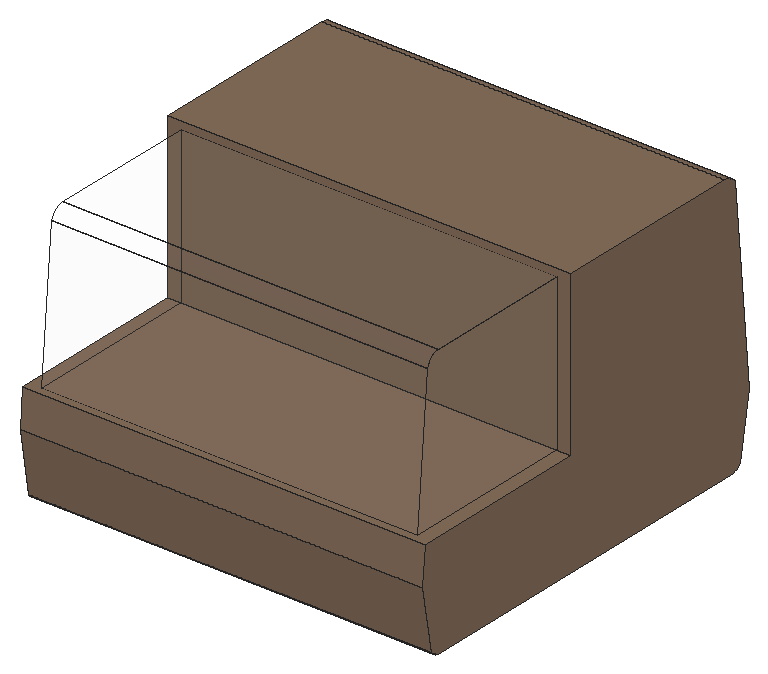
Revit family "PGL", category Lighting Fixtures, host Face, Revit 2021
Family settings
  Host = Face
  Round Connector Dimension = Use Diameter
  Part Type = Normal
  OmniClass Number = 23.80.70.11
  OmniClass Title = Luminaries for Internal Lighting
  Cut with Voids When Loaded = No
  Light Source = Yes
  Shared = No
  Room Calculation Point = No
Parameters (values of type "PGL-250")
  Wattage Comments = "250W & 400W"
  Wattage = 250 W
  built-in parameter 1150110 = 1 (stored number, unit not read)
  Voltage = 120 V
  URL = "https://www.currentlighting.com/exo"
  built-in parameter 1114217 = 1 (stored number, unit not read)
  Tilt Angle = 0.00°
  built-in parameter 1150109 = 1 (stored number, unit not read)
  built-in parameter 1150134 = 3
  built-in parameter 1150113 = 1 (stored number, unit not read)
  Product Page URL = ""
  Product Documentation Link = ""
  Power Factor = 1
  Photometric Web File = "PGL250H-x2x.ies"
  Mounting Type = "Wall Mount (surface)\r\nWall (surface)\r\nWall (surface)\r\nWall Mount (Surface)"
  Model = "PGL"  # constant formula
  Manufacturer = "EXO"  # constant formula
  built-in parameter 1150105 = 14606 (stored number, unit not read)
  Lumens = 37135.5 lm
  built-in parameter 1150115 = 1 (stored number, unit not read)
  Load Classification = Lighting
  built-in parameter 1150137 = (empty or 0)
  built-in parameter 1150139 = (empty or 0)
  built-in parameter 1150112 = 1 (stored number, unit not read)
  built-in parameter 1150114 = 1 (stored number, unit not read)
  Lamp = "LED"  # constant formula
  Glass Material = White Glass
  built-in parameter 1150132 = (empty or 0)
  built-in parameter 1150102 = (empty or 0)
  built-in parameter 1150107 = 3200 (stored number, unit not read)
  built-in parameter 1150138 = (empty or 0)
  built-in parameter 1150106 = 146.06 (stored number, unit not read)
  Frequency Rating = "50/60 Hz"
  Emit from Rectangle Width = 13"  # constant formula
  Emit from Rectangle Length = 6"  # constant formula
  Emit Shape Visible in Rendering = no
  built-in parameter 1150104 = 13.8 (stored number, unit not read)
  Dimming Lamp Color Temperature Shift = <None>
  Description = "Perimaliter PGL"  # constant formula
  Default Elevation = 48"
  Housing Material = Powdercoat - Dark Bronze
  Contact = ""
  Color Filter = 16777215
  Certifications = "UL & CSA"  # constant formula
  built-in parameter 1114218 = 1 (stored number, unit not read)
  built-in parameter 1150133 = 10 (stored number, unit not read)
  Assembly Code = "D5020200"
  Apparent Load = 0 VA
Types (3): name | Wattage | Photometric Web File | built-in parameter 1150105 | Lumens | built-in parameter 1150106
  (no name) | 250 W | "PGL250H-x2x.ies" | 14606 (stored number, unit not read) | 37135.5 lm | 146.06 (stored number, unit not read)
  PGL-400 | 400 W | "PGL400H-x2x.ies" | 23369 (stored number, unit not read) | 59416.8 lm | 233.69 (stored number, unit not read)
  PGL-250 | 250 W | "PGL250H-x2x.ies" | 14606 (stored number, unit not read) | 37135.5 lm | 146.06 (stored number, unit not read)
Reference planes (in)
  plane 1 "Center (Front/Back)": y = 0
  plane 2: z = 0
  plane 3 "Center (Left/Right)": x = 0
  plane 4: z = 9.875
  plane 5: x = -7.437
  plane 6: y = 7.5
  plane 7: y = -7.5
  plane 8: x = 7.437
  plane 9: x = -6.9375
  plane 10: x = 6.9375
  plane 11: y = -0.6875
  plane 12: z = 9.60985
  plane 13: z = 3.875
  plane 14: through (0, 7.5, 2.5) normal (0, 0.9962, 0.0872)
  plane 15: through (0, 7.5, 2.5) normal (0, -0.9848, 0.1736)
  plane 16: through (0, -7.5, 2.5) normal (0, -0.9848, -0.1736)
  plane 17: through (0, -6.38435, 12.40814) normal (0, -0.9962, 0.0872)
Forms (in)
  Extrusion 1, solid, material "Powdercoat - Dark Bronze" <- "Housing Material"
    sketch origin (0, 0, 0) x (0, 1, 0) y (0, 0, 1)
      loop
        line (-6.77212, 0) -> (6.76406, 0)
        arc (6.76406, 0) -> (6.95427, 0.05129) -> (7.09291, 0.19126) r 0.37833
        line (7.09291, 0.19126) -> (7.5, 2.5) -> (6.87607, 9.6316)
        arc (6.87607, 9.6316) -> (6.68073, 9.81028) -> (6.42402, 9.875) r 0.54147
        line (6.42402, 9.875) -> (-0.6875, 9.875) -> (-0.6875, 3.875) -> (-7.3797, 3.875) -> (-7.5, 2.5) -> (-7.08894, 0.16877)
        arc (-7.08894, 0.16877) -> (-6.9516, 0.04483) -> (-6.77212, 0) r 0.38176
    from -7.437 to 7.437
  Extrusion 2, solid, material "White Glass" <- "Glass Material"
    sketch origin (0, 0, 0) x (0, 1, 0) y (0, 0, 1)
      loop
        line (-0.6875, 3.875) -> (-0.6875, 9.60985) -> (-6.17291, 9.60985)
        arc (-6.17291, 9.60985) -> (-6.4943, 9.49287) -> (-6.66531, 9.19667) r 0.5
        line (-6.66531, 9.19667) -> (-7.1309, 3.875) -> (-0.6875, 3.875)
    from -6.9375 to 6.9375
Dimensions and locks (in)
  plane 4 to host face = 9 7/8"
  level to Extrusion 1 = 9 7/8"
  locked: plane 6 to plane 7 at 15
  locked: Extrusion 1 to plane 7 at 6.8125
  equal spacing: plane 6, plane 1 "Center (Front/Back)", plane 7, locked at 7.5 each
  locked: plane 7 to plane 11 at 6.8125
  locked: plane 5 to plane 9 at 0.4995
  locked: plane 10 to plane 8 at 0.4995
  plane 5 to plane 8 = 14.874"
  equal spacing: plane 5, plane 3 "Center (Left/Right)", plane 8, locked at 7.437 each
  locked: plane 13 to plane 2 at 3.875
  locked: plane 14 to plane 6 (angle 5.00°)
  locked: plane 6 to plane 15 (angle 10.00°)
  locked: plane 16 to plane 7 (angle 10.00°)
  angle plane 7 to plane 17 = 5.00°
  locked: plane 7 to Extrusion 1 sketch curve (angle 5.00°)
  aligned and locked: plane 2 to host face
  aligned and locked: level to host face
  aligned and locked: Extrusion 1 to plane 5
  aligned and locked: Extrusion 1 to plane 8
  aligned and locked: Extrusion 2 to Extrusion 1  (x2)
  aligned and locked: Extrusion 1 to host face
  aligned and locked: Extrusion 1 sketch curve to plane 11
  aligned and locked: Extrusion 1 sketch curve to plane 4
  aligned and locked: plane 12 to Extrusion 2 sketch curve
  aligned and locked: plane 13 to Extrusion 1
  aligned and locked: Extrusion 1 sketch curve to plane 14
  aligned and locked: Extrusion 1 sketch curve to plane 15
  aligned and locked: Extrusion 1 sketch curve to plane 16
  aligned and locked: plane 17 to Extrusion 2 sketch curve
Automatic sketch dimensions
  host sketch curve to host sketch curve = 96"  (x2)
  Extrusion 1 sketch curve to plane 7 = 0"
  Extrusion 1 sketch curve to plane 13 = 0"
  Extrusion 1 sketch curve to level = 0"
  level to Extrusion 1 sketch curve = 0.16877"
  Extrusion 1 sketch curve to Extrusion 1 sketch curve = 0.31682"
  Extrusion 1 sketch curve to plane 6 = 1.07598"
  Extrusion 1 sketch curve to plane 6 = 0.73594"
  Extrusion 1 sketch curve to plane 4 = 0.2434"
  level to Extrusion 1 sketch curve = 0.19126"
  Extrusion 2 sketch curve to plane 13 = 0"
  Extrusion 2 sketch curve to plane 11 = 0"
  Extrusion 2 sketch curve to plane 12 = 0.41318"
  Extrusion 2 sketch curve to Extrusion 2 sketch curve = 0.4924"
Connectors (in)
  electrical at (0, -0.00403, 0), driven by "Load Classification", driven by "Voltage", driven by "Apparent Load", driven by "Power Factor"
    settings: on Extrusion 1, index 1, voltage 120 V, apparent load 0 VA, apparent load phase1 0 VA, apparent load phase2 0 VA, apparent load phase3 0 VA, power factor 1, load classification "Lighting", number of poles 1, system type 30, power factor state 1, is connector primary yes, connector utility no, sub classification motor no, connector description "Lighting Connector"
